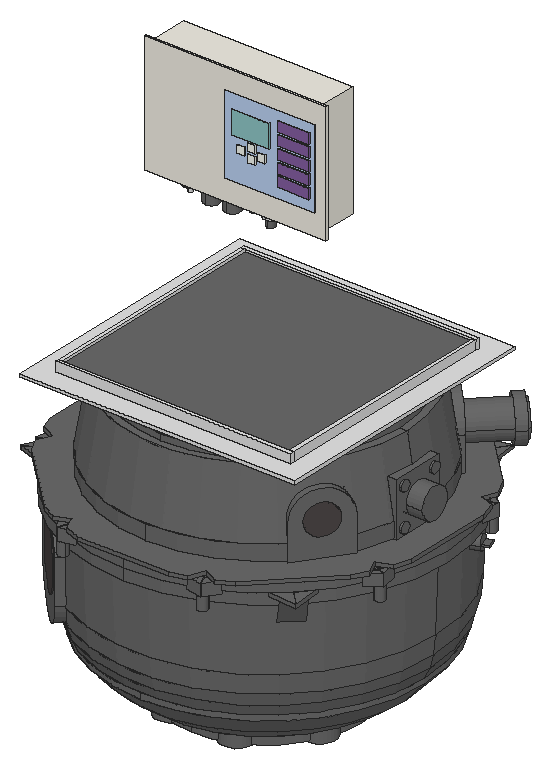
Revit family "280530sc (200)", category Generic Models, Revit 2021
Family settings
  Can host rebar = No
  Round Connector Dimension = Use Diameter
  Part Type = Normal
  Work Plane-Based = No
  Always vertical = Yes
  Cut with Voids When Loaded = No
  Shared = Yes
  Room Calculation Point = No
Parameters (values of type "280530SC")
  SUPPLIER = "KESSEL"
  SA700ID50 = "internal"
  SA700ID49 = "Protection Class I"
  SA700ID48 = "no"
  SA700ID47 = "no"
  SA700ID46 = "yes"
  SA700ID37 = 8000 mm
  SA700ID34 = 12
  SA700ID33 = 0.5 W
  SA700ID32 = 19.73 kg
  SA700ID31 = 1
  SA700ID30 = 2
  SA700ID29 = "RWDR"
  SA700ID21 = 800
  SA700ID10 = "No"
  SA700ID08 = 230 V
  PROCUREWEBLINK = "https://p.caden.as/kessel/280530SC"
  PROCURELINK = "p.caden.as/kessel/280530SC"
  PROCUREDATALASTUPDATE = "2024-05-22T12:17:25.742020933+01:00"
  PRC_SPECIFICATIONLINK = "https://ausschreiben.de/catalog/kessel/catalogItem/68b40d0a-d5ea-43db-a7a0-c3e40f4351ee"
  NN = "Lifting station Aqualift S compact"
  NBSYN = "$SA810ID03. ($LODLEVEL.)"
  NB = "280530SC (200)"
  Model = "280530SC"
  Manufacturer = "KESSEL"
  MIdent = "{$CADENAS_DATA/23d-libs/kessel/kessel_vdi_import/4/entwaesserung/hebeanlage20aqualift20s20compact.prj},217 {STYP=ASS},{VTYP=3D},{NB=280530SC (200)},{LINA=280530SC},{NN=Lifting station Aqualift S compact},{DATE=21.11.2022 10:40:35},{GEOMDATE=21.11.2022 10:40:35},{VERSION=},{LINEID=50},{WBVAR=LODLEVEL},{WBNUMERIC=LODLEVEL}  {NB=280530SC (200)},{LINA=280530SC},{KT=DUMMY},{PREVIEW=../../bilder/ksb_w_280530sc.png},{SA700ID04=Hebeanlage Aqualift S Compact, Duo, GTF 500, resistant, Bodenplatte},{SA810ID06=04026092082720},{SA700ID34=12.00},{SA010ID03=201805},{SA810ID03=280530SC},{SA810ID10=Die steckerfertige Hebeanlage für fäkalienfreies Abwasser ist mit einer überflutbaren Pumpe sowie einem Rückflussverhinderer ausgestattet. Der Sammelbehälter aus dauerhaft beständigem Kunststoff (PE) besitzt einen offenen Pumpenraum. Einhandverschlüsse ermöglichen die einfache Entnahme der integrierten Komponenten. Die Anlage zum Einbau in die Bodenplatte ist vormontiert zur bauseitigen Endmontage.Die Steuerung erfolgt durch ein anwenderfreundliches Schaltgerät, das optional über einen potentialfreien Kontakt in die Gebäudeleittechnik eingebunden werden oder Alarm- und Sammelstörmeldungen über eine GSM-Schnittstelle ausgeben kann.- mit teleskopischem Aufsatzstück für stufenlosen Höhen- und Niveauausgleich und integriertem Bodenablauf- Sammelbehälter aus PE, beständig gegen aggressive Abwässer und 3 m Grundwasser- inklusive Rückflussverhinderer für die Druckleitung- inklusive Stutzen für Zulauf und Kabelleerrohr- Pumpe mit Freistromrad für höchste BetriebssicherheitAusführung:Anlagenart: DoppelanlagePumpensteuerung: SchaltgerätRückflussverhinderer: integriertResistant: beständig gegen salzhaltige Medien, Abwasser aus Enthärtungsanlagen sowie kondensathaltiges Abwasser aus HeizungsanlagenAuslieferungszustand: installationsfertig (Verbindungsteile sind bauseits anzuschließen)Einbausituation: Einbau in die BodenplatteAbwasserart: fäkalienfreiAllgemeine Merkmale:Farbe: schwarzNorm: EN 12050-2Abmessungen:Länge: 617 mmBreite: 585 mmBehälter/Grundkörper:Zulauf Nennweite (DN): 100 mmDruckabgang (DN): 32 mmDruckabgang (DA): 40 mmEinbautiefe: 490 - 620 mmNutzvolumen: 20 lArt der Höhenverstellbarkeit: teleskopisches AufsatzstückAbdeckungsmerkmale:Abdeckungsart: Abdeckplatte mit SchlitzrostAbdeckung Material: KunststoffAbdeckung Farbe: schwarzBelastungsklasse: K 3 (EN 1253-1)Länge: 366 mmBreite: 366 mmVerriegelung: Lock & LiftFreier Kugeldurchgang: 10 mmFördereinrichtung:Pumpe: GTF 500Anzahl Pumpen: 2Förderleistung max.: 10 m3/hFörderhöhe max.: 8 mBetriebsspannung: 230 VNetzfrequenz: 50 HzBetriebsart: S1Leistung P1: 0,6 kWLeistung P2: 0,36 kWDrehzahl: 2.800 U/minErforderliche Absicherung (Leitungsschutz): C 16 AFörderguttemperatur (dauerhaft) max.: 40 °CAnschlusstyp: codierter SteckerLaufrad Typ: FreistromradLänge Netzanschlussleitung Pumpe: 5 mNennstrom: 2,7 ASchutzart Pumpe: IP 68 (3m)Typ Anschlussleitung Pumpe: H07RN-F 3G 1,0 mm2Temperaturüberwachung: integriertSteuerung:Schaltgerät: ComfortBetriebsspannung: 230 VNetzfrequenz: 50 HzSelbstdiagnosesystem (SDS): jaBatteriepufferung: jaMehrzeilige Displayanzeige: jaLogbuchfunktion: jaUSB-Schnittstelle: jaGSM-Schnittstelle: jaPotentialfreier Kontakt: optionalSchutzart Schaltgerät: IP 54Anschlusstyp: codierter SteckerLänge Netzanschlussleitung Schaltgerät: 1,4 mArt Niveauerfassung: pneumatischInstrument Niveauerfassung: TauchrohrAlarmgeber: optische Sonde},{SA700ID37=8.00},{SA700ID33=0.50},{SA700ID08=230},{SA700ID30=2},{SA700ID32=19.73},{SA700ID49=Schutzklasse I},{SA700ID50=intern},{SA200ID03=6},{SA250ID03=vertikal},{SA260ID03=Trockenläuferpumpe},{SA350ID03=normalansaugend},{SA400ID03=E-Motor für Wechselstrom},{SA460ID03=direkt},{SA500ID03=Kunststoff, Edelstahl},{SA700ID06=32},{SA700ID07=100},{SA700ID09=1/N/PE 230V },{SA700ID10=Nein},{SA700ID11=50},{SA700ID12=IP 68},{SA700ID13=F},{SA700ID15=35},{SA700ID21=800.00},{SA700ID22=0.36},{SA700ID23=2800},{SA700ID24=2800},{SA700ID26=2.50},{SA700ID27=6.90},{SA700ID28=durchgehend},{SA700ID29=RWDR},{SA700ID31=1},{SA700ID46=ja},{SA700ID47=nein},{SA700ID48=nein},{SA110ID04=Hebeanlage Aqualift S Compact},{SA300ID03=einstufig},{SA700ID44=10.00},{SA700ID45=10.00},{SA010ID04=KESSEL AG},{LODLEVEL=200},{LINK=https://www.kessel.de/info?han=280530SC},{SA970ID01=970},{SA970ID02=14032},{SA970ID03=280530SC},{SA970ID04=11002617},{SA970ID05=QUAD},{SA970ID06=-326},{SA970ID07=-291.04},{SA970ID08=0},{SA970ID09=1},{SA970ID10=0},{SA970ID11=0},{SA970ID12=0},{SA970ID13=1},{SA970ID14=0},{SA970ID15=617.04},{SA970ID16=582.09},{SA970ID17=506.5},{LODLEVEL_=200,'Low'},{LODLEVEL_DEU=200,'Low'},{LINK_=https://www.kessel.de/info?han=280530SC},{LINK_DEU=https://www.kessel.de/info?han=280530SC},{LODLEVEL_3DB=280530SC_200},{DNIN1=100},{DNIN2=125},{DNIN3=100},{DNIN4=100},{DNOUT1=70},{DNOUT2=32},{ISD1=60},{ISD2=10},{ISD3=10},{SA010ID01=010},{SA010ID02=4},{SA010ID06=www.kessel.de},{SA010ID07=www.kessel.de},{SA010ID12=20180713},{SA010ID13=DEU},{SA010ID14=DE},{SA100ID01=100},{SA100ID02=4},{SA100ID04=Entwässerung},{SA110ID01=110},{SA110ID02=30},{SA200ID01=200},{SA200ID02=6},{SA250ID01=250},{SA250ID02=2},{SA260ID01=260},{SA260ID02=2},{SA300ID01=300},{SA300ID02=1},{SA350ID01=350},{SA350ID02=1},{SA400ID01=400},{SA400ID02=1},{SA460ID01=460},{SA460ID02=1},{SA500ID01=500},{SA500ID02=1},{SA700ID01=700},{SA700ID02=191},{SA700ID10_=0},{SA700ID16=0},{SA700ID25=0},{SA700ID46_=1},{SA700ID47_=0},{SA700ID48_=0},{SA700ID49_=1},{SA700ID50_=2},{SA800ID01=800},{SA800ID02=6},{SA810ID01=810},{SA810ID02=191},{SA810ID04=280530SC},{SA810ID07=191},{SA810ID09=1},{SA810ID14=PCE},{SA810ID15=1},{SA810ID16=NMP},{SA960ID03=191},{SA960ID04=3L},{SA960ID08=https://www.kessel.de/info?han=280530SC},{SA010ID08=4026092000007},{SA100ID05=Hebeanlage},{SA110ID06=Hebeanlage}"
  LINK = "https://www.kessel.de/info?han=280530SC"
  LINA = "280530SC"
  Default Elevation = 0 mm
  CREATOR = "CADENAS GmbH"
  CATALOG = "KESSEL"
  BOMINFO = "LINA"
  ARTICLENO = "NB"
  4.810.00.9 Order quantity (multiplicator) = "1"
  4.810.00.7 Media- connection number = "191"
  4.810.00.6 GTIN number = "04026092082720"
  4.810.00.4 DATANORM number = "280530SC"
  4.810.00.3 Producer order number = "280530SC"
  4.710.03.7 Mass (net) = 19.73 kg
  4.710.03.6 Height = 490 mm
  4.710.03.5 Width = 580 mm
  4.710.03.4 Length = 620 mm
  4.710.03.3 Type of dimensions = "2"
  4.710.02.8 Area of application of wastewater pump = "2"
  4.710.02.6 Duty type = "S1"
  4.710.02.5 Cutting device = "0"
  4.710.02.4 Attached pump control = "1"
  4.710.02.3 Free passage = 10 mm
  4.710.01.6 Option to connect to building automation = "10"
  4.710.01.5 Load regulation = "0"
  4.710.01.4 Designation of closed-loop control = "20"
  4.700.00.9 Voltage = 0
  4.700.00.8 Nominal connection size on suction side = "100"
  4.700.00.7 Nominal connection size on pressure side = "100"
  4.700.00.6 Type of connection = "32"
  4.700.00.4 Product indentification = "Hebeanlage Aqualift S Compact, Duo, GTF 500, resistant, Bodenplatte"
  4.700.00.28 Motor pump shaft = "durchgehend"
  4.700.00.27 Starting current = 6.9
  4.700.00.26 Maximum power consumption per pump / drive = 2.5
  4.700.00.25 Minimum speed at internal speed adjustment = 0
  4.700.00.24 Nominal speed / maximum speed n = 46.6667
  4.700.00.23 Nominal speed of motor = 46.6667
  4.700.00.22 Maximum shaft output (P2) per pump/drive = 0.36 W
  4.700.00.16 Maximum temperature of pumped medium = 0 °C
  4.700.00.15 Increased safety class = "35 °C"
  4.700.00.13 Type of protection = "F"
  4.700.00.12 Frequency = 0
  4.700.00.11 Stern-/Dreieck-Anlaufschaltung bei Dreiphasenanschluss oder Drehstrom = "50 Hz"
  4.700.00.10 Phase = "0"
  4.500.00.3 Variant / Variant type / Accessories-name = "Kunststoff, Edelstahl"
  4.460.00.3 Variant / Variant type / Accessories-name = "direkt"
  4.400.00.3 Variant / Variant type / Accessories-name = "E-Motor für Wechselstrom"
  4.350.00.3 Variant / Variant type / Accessories-name = "normalansaugend"
  4.300.00.3 Variant / Variant type / Accessories-name = "einstufig"
  4.260.00.3 Variant / Variant type / Accessories-name = "Trockenläuferpumpe"
  4.250.00.3 Variant / Variant type / Accessories-name = "vertikal"
  4.200.00.3 Variant / Variant type / Accessories-name = "6"
  4.110.00.6 Product classification = "Hebeanlage"
  4.110.00.4 Product indentification = "Hebeanlage Aqualift S Compact"
  4.100.00.5 Main groups of wares = "Hebeanlage"
  4.100.00.4 Product indentification = "Entwässerung"
  4.010.00.8 Producer ID number = "4026092000007"
  4.010.00.7 Comment = "www.kessel.de"
  4.010.00.6 Web address of the manufacturer = "www.kessel.de"
  4.010.00.4 Manufacturer name = "KESSEL AG"
  4.010.00.3 Date of issuance (month) of guideline = "201805"
  4.010.00.2 Sheet number of the guideline = "4"
  4.010.00.14 Kennungen der Projektländer, für die die Datei gültig ist = "DE"
  4.010.00.13 Sprache der Datei = "DEU"
  4.010.00.12 Stand des Herstellerkatalogs = "20180713"
Reference planes
  plane 1 "Center (Front/Back)": y = 0
  plane 2: z = 0
  plane 3 "Center (Left/Right)": x = 0
Forms (mm)
  Extrusion 1, void
    sketch origin (-197.283, 197.283, 209) x (-0.707107, -0.707107, 0) y (0, 0, -1)
      loop
        line (-0.5, -0.5) -> (0.5, -0.5) -> (0.5, 0.5) -> (-0.5, 0.5) -> (-0.5, -0.5)
    from 0 to 1
  Extrusion 2, void
    sketch origin (-197.283, -197.283, 209) x (0.707107, -0.707107, 0) y (0, 0, -1)
      loop
        line (-0.5, -0.5) -> (0.5, -0.5) -> (0.5, 0.5) -> (-0.5, 0.5) -> (-0.5, -0.5)
    from 0 to 1
  Extrusion 3, void
    sketch origin (-247, 0, 370) x (0, -1, 0) y (0, 0, -1)
      loop
        line (-0.5, -0.5) -> (0.5, -0.5) -> (0.5, 0.5) -> (-0.5, 0.5) -> (-0.5, -0.5)
    from 0 to 1
  Extrusion 4, void
    sketch origin (242.226, 228.084, 376) x (-0.707107, 0.707107, 0) y (0, 0, -1)
      loop
        line (-0.5, -0.5) -> (0.5, -0.5) -> (0.5, 0.5) -> (-0.5, 0.5) -> (-0.5, -0.5)
    from 0 to 1
  Extrusion 5, void
    sketch origin (242.226, 228.084, 364) x (-0.707107, 0.707107, 0) y (0, 0, -1)
      loop
        line (-0.5, -0.5) -> (0.5, -0.5) -> (0.5, 0.5) -> (-0.5, 0.5) -> (-0.5, -0.5)
    from 0 to 1
  Extrusion 6, void
    sketch origin (228.084, 242.226, 376) x (-0.707107, 0.707107, 0) y (0, 0, -1)
      loop
        line (-0.5, -0.5) -> (0.5, -0.5) -> (0.5, 0.5) -> (-0.5, 0.5) -> (-0.5, -0.5)
    from 0 to 1
  Extrusion 7, void
    sketch origin (228.084, 242.226, 364) x (-0.707107, 0.707107, 0) y (0, 0, -1)
      loop
        line (-0.5, -0.5) -> (0.5, -0.5) -> (0.5, 0.5) -> (-0.5, 0.5) -> (-0.5, -0.5)
    from 0 to 1
Dimensions and locks
  locked: plane 2 to Extrusion 1 at 208.5
  locked: plane 2 to Extrusion 1 at 209.5
  locked: plane 2 to Extrusion 2 at 208.5
  locked: plane 2 to Extrusion 2 at 209.5
  locked: plane 2 to Extrusion 3 at 369.5
  locked: plane 2 to Extrusion 3 at 370.5
  locked: plane 2 to Extrusion 4 at 375.5
  locked: plane 2 to Extrusion 4 at 376.5
  locked: plane 2 to Extrusion 5 at 363.5
  locked: plane 2 to Extrusion 5 at 364.5
  locked: plane 2 to Extrusion 6 at 375.5
  locked: plane 2 to Extrusion 6 at 376.5
  locked: plane 2 to Extrusion 7 at 363.5
  locked: plane 2 to Extrusion 7 at 364.5
  aligned and locked: level to plane 2
Nested families
  nested 1: "280530sc (200)_content" at (0, 0, 0), type "280530SC (200)_Content"
  nested 2: "280530sc (200)_part1_X0Y0" at (-194, 244.5, 558), type "280530SC_PART1_X0Y0"
  nested 3: "280530sc (200)_part2_X0Y0" at (0, 0, 0), type "280530SC_PART2_X0Y0"
Connectors
  piping at (-112, 217, 557.2), diameter 10
    settings: on nested 2, index 1, connector inside diameter 609.6 mm, connector length 0 mm, flow factor 0, pipe flow 0.0 L/s, pressure drop 0.0 Pa, fitting loss kfactor 0, connector angle 0.00°, fixture units 0, engagement length 0 mm, angle of deflection 0.00°, flow configuration 0, flow direction 2, fitting loss method 2, system type 29, joint type 0, gender type 0, connector reference index -1, connector utility 0, adjustable connector no, is connector primary yes, connector description ""
  electrical at (-298, 217, 518.5)
    settings: on nested 2, index 2, voltage 0 V, apparent load 0 VA, apparent load phase1 0 VA, apparent load phase2 0 VA, apparent load phase3 0 VA, power factor 1, load classification "Other", number of poles 1, system type 31, power factor state 1, is connector primary yes, connector utility no, sub classification motor no, connector description ""
  electrical at (-264, 217, 515.9)
    settings: on nested 2, index 3, voltage 0 V, apparent load 0 VA, apparent load phase1 0 VA, apparent load phase2 0 VA, apparent load phase3 0 VA, power factor 1, load classification "Other", number of poles 1, system type 31, power factor state 1, is connector primary no, connector utility no, sub classification motor no, connector description ""
  electrical at (-230, 217, 515.9)
    settings: on nested 2, index 4, voltage 0 V, apparent load 0 VA, apparent load phase1 0 VA, apparent load phase2 0 VA, apparent load phase3 0 VA, power factor 1, load classification "Other", number of poles 1, system type 31, power factor state 1, is connector primary no, connector utility no, sub classification motor no, connector description ""
  electrical at (-192, 217, 528.2)
    settings: on nested 2, index 5, voltage 0 V, apparent load 0 VA, apparent load phase1 0 VA, apparent load phase2 0 VA, apparent load phase3 0 VA, power factor 1, load classification "Other", number of poles 1, system type 31, power factor state 1, is connector primary no, connector utility no, sub classification motor no, connector description ""
  electrical at (-168, 217, 513.45)
    settings: on nested 2, index 6, voltage 0 V, apparent load 0 VA, apparent load phase1 0 VA, apparent load phase2 0 VA, apparent load phase3 0 VA, power factor 1, load classification "Other", number of poles 1, system type 31, power factor state 1, is connector primary no, connector utility no, sub classification motor no, connector description ""
  electrical at (-140, 217, 557.2)
    settings: on nested 2, index 7, voltage 0 V, apparent load 0 VA, apparent load phase1 0 VA, apparent load phase2 0 VA, apparent load phase3 0 VA, power factor 1, load classification "Other", number of poles 1, system type 31, power factor state 1, is connector primary no, connector utility no, sub classification motor no, connector description ""
  piping at (-326, 0, 209), diameter 125
    settings: on nested 3, index 8, connector inside diameter 609.6 mm, connector length 0 mm, flow factor 0, pipe flow 0.0 L/s, pressure drop 0.0 Pa, fitting loss kfactor 0, connector angle 0.00°, fixture units 0, engagement length 0 mm, angle of deflection 0.00°, flow configuration 0, flow direction 1, fitting loss method 2, system type 29, joint type 0, gender type 0, connector reference index -1, connector utility 0, adjustable connector no, is connector primary no, connector description ""
  piping at (-197.283, 197.283, 209), diameter 100
    settings: on Extrusion 1, index 9, connector inside diameter 609.6 mm, connector length 0 mm, flow factor 0, pipe flow 0.0 L/s, pressure drop 0.0 Pa, fitting loss kfactor 0, connector angle 0.00°, fixture units 0, engagement length 0 mm, angle of deflection 0.00°, flow configuration 0, flow direction 0, fitting loss method 2, system type 29, joint type 0, gender type 0, connector reference index -1, connector utility 0, adjustable connector no, is connector primary no, connector description ""
  piping at (-197.283, -197.283, 209), diameter 100
    settings: on Extrusion 2, index 10, connector inside diameter 609.6 mm, connector length 0 mm, flow factor 0, pipe flow 0.0 L/s, pressure drop 0.0 Pa, fitting loss kfactor 0, connector angle 0.00°, fixture units 0, engagement length 0 mm, angle of deflection 0.00°, flow configuration 0, flow direction 0, fitting loss method 2, system type 29, joint type 0, gender type 0, connector reference index -1, connector utility 0, adjustable connector no, is connector primary no, connector description ""
  piping at (-247, 0, 370), diameter 70
    settings: on Extrusion 3, index 11, connector inside diameter 609.6 mm, connector length 0 mm, flow factor 0, pipe flow 0.0 L/s, pressure drop 0.0 Pa, fitting loss kfactor 0, connector angle 0.00°, fixture units 0, engagement length 0 mm, angle of deflection 0.00°, flow configuration 0, flow direction 0, fitting loss method 2, system type 29, joint type 0, gender type 0, connector reference index -1, connector utility 0, adjustable connector no, is connector primary no, connector description ""
  piping at (272.5, -3, 363.25), diameter 32
    settings: on nested 3, index 12, connector inside diameter 609.6 mm, connector length 0 mm, flow factor 0, pipe flow 0.0 L/s, pressure drop 0.0 Pa, fitting loss kfactor 0, connector angle 0.00°, fixture units 0, engagement length 0 mm, angle of deflection 0.00°, flow configuration 0, flow direction 2, fitting loss method 2, system type 29, joint type 0, gender type 0, connector reference index -1, connector utility 0, adjustable connector no, is connector primary no, connector description ""
  electrical at (242.226, 228.084, 376)
    settings: on Extrusion 4, index 13, voltage 0 V, apparent load 0 VA, apparent load phase1 0 VA, apparent load phase2 0 VA, apparent load phase3 0 VA, power factor 1, load classification "Other", number of poles 1, system type 31, power factor state 1, is connector primary no, connector utility no, sub classification motor no, connector description ""
  electrical at (242.226, 228.084, 364)
    settings: on Extrusion 5, index 14, voltage 0 V, apparent load 0 VA, apparent load phase1 0 VA, apparent load phase2 0 VA, apparent load phase3 0 VA, power factor 1, load classification "Other", number of poles 1, system type 31, power factor state 1, is connector primary no, connector utility no, sub classification motor no, connector description ""
  electrical at (228.084, 242.226, 376)
    settings: on Extrusion 6, index 15, voltage 0 V, apparent load 0 VA, apparent load phase1 0 VA, apparent load phase2 0 VA, apparent load phase3 0 VA, power factor 1, load classification "Other", number of poles 1, system type 31, power factor state 1, is connector primary no, connector utility no, sub classification motor no, connector description ""
  electrical at (228.084, 242.226, 364)
    settings: on Extrusion 7, index 16, voltage 0 V, apparent load 0 VA, apparent load phase1 0 VA, apparent load phase2 0 VA, apparent load phase3 0 VA, power factor 1, load classification "Other", number of poles 1, system type 31, power factor state 1, is connector primary no, connector utility no, sub classification motor no, connector description ""
Definition of nested family "280530sc (200)_part1_X0Y0"
  Parameters (values of type "280530SC_PART1_X0Y0")
    SUPPLIER = "KESSEL"
    SA700ID50 = "internal"
    SA700ID49 = "Protection Class I"
    SA700ID48 = "no"
    SA700ID47 = "no"
    SA700ID46 = "yes"
    SA700ID37 = 8000 mm
    SA700ID34 = 12
    SA700ID33 = 0.5 W
    SA700ID32 = 19.73 kg
    SA700ID31 = 1
    SA700ID30 = 2
    SA700ID29 = "RWDR"
    SA700ID21 = 800
    SA700ID10 = "No"
    SA700ID08 = 230 V
    NBSYN = "$SA810ID03. ($LODLEVEL.)_PART1"
    NB = "280530SC (200)_PART1"
    Model = "280530SC_PART1"
    Manufacturer = "KESSEL"
    MIdent = "{$CADENAS_DATA/23d-libs/kessel/kessel_vdi_import/4/entwaesserung/hebeanlage20aqualift20s20compact.prj},237 {VTYP=3D},{NB=280530SC (200)_PART1},{LINA=280530SC_PART1},{NN=Lifting station Aqualift S compact_PART1},{NOPRJ=TRUE},{DATE=21.11.2022 10:40:35},{GEOMDATE=21.11.2022 10:40:35},{VERSION=},{LINEID=50},{WBVAR=LODLEVEL},{WBNUMERIC=LODLEVEL}  {NB=280530SC (200)_PART1},{LINA=280530SC_PART1},{KT=DUMMY},{PREVIEW=../../bilder/ksb_w_280530sc.png},{SA700ID04=Hebeanlage Aqualift S Compact, Duo, GTF 500, resistant, Bodenplatte},{SA810ID06=04026092082720},{SA700ID34=12.00},{SA010ID03=201805},{SA810ID03=280530SC},{SA810ID10=Die steckerfertige Hebeanlage für fäkalienfreies Abwasser ist mit einer überflutbaren Pumpe sowie einem Rückflussverhinderer ausgestattet. Der Sammelbehälter aus dauerhaft beständigem Kunststoff (PE) besitzt einen offenen Pumpenraum. Einhandverschlüsse ermöglichen die einfache Entnahme der integrierten Komponenten. Die Anlage zum Einbau in die Bodenplatte ist vormontiert zur bauseitigen Endmontage.Die Steuerung erfolgt durch ein anwenderfreundliches Schaltgerät, das optional über einen potentialfreien Kontakt in die Gebäudeleittechnik eingebunden werden oder Alarm- und Sammelstörmeldungen über eine GSM-Schnittstelle ausgeben kann.- mit teleskopischem Aufsatzstück für stufenlosen Höhen- und Niveauausgleich und integriertem Bodenablauf- Sammelbehälter aus PE, beständig gegen aggressive Abwässer und 3 m Grundwasser- inklusive Rückflussverhinderer für die Druckleitung- inklusive Stutzen für Zulauf und Kabelleerrohr- Pumpe mit Freistromrad für höchste BetriebssicherheitAusführung:Anlagenart: DoppelanlagePumpensteuerung: SchaltgerätRückflussverhinderer: integriertResistant: beständig gegen salzhaltige Medien, Abwasser aus Enthärtungsanlagen sowie kondensathaltiges Abwasser aus HeizungsanlagenAuslieferungszustand: installationsfertig (Verbindungsteile sind bauseits anzuschließen)Einbausituation: Einbau in die BodenplatteAbwasserart: fäkalienfreiAllgemeine Merkmale:Farbe: schwarzNorm: EN 12050-2Abmessungen:Länge: 617 mmBreite: 585 mmBehälter/Grundkörper:Zulauf Nennweite (DN): 100 mmDruckabgang (DN): 32 mmDruckabgang (DA): 40 mmEinbautiefe: 490 - 620 mmNutzvolumen: 20 lArt der Höhenverstellbarkeit: teleskopisches AufsatzstückAbdeckungsmerkmale:Abdeckungsart: Abdeckplatte mit SchlitzrostAbdeckung Material: KunststoffAbdeckung Farbe: schwarzBelastungsklasse: K 3 (EN 1253-1)Länge: 366 mmBreite: 366 mmVerriegelung: Lock & LiftFreier Kugeldurchgang: 10 mmFördereinrichtung:Pumpe: GTF 500Anzahl Pumpen: 2Förderleistung max.: 10 m3/hFörderhöhe max.: 8 mBetriebsspannung: 230 VNetzfrequenz: 50 HzBetriebsart: S1Leistung P1: 0,6 kWLeistung P2: 0,36 kWDrehzahl: 2.800 U/minErforderliche Absicherung (Leitungsschutz): C 16 AFörderguttemperatur (dauerhaft) max.: 40 °CAnschlusstyp: codierter SteckerLaufrad Typ: FreistromradLänge Netzanschlussleitung Pumpe: 5 mNennstrom: 2,7 ASchutzart Pumpe: IP 68 (3m)Typ Anschlussleitung Pumpe: H07RN-F 3G 1,0 mm2Temperaturüberwachung: integriertSteuerung:Schaltgerät: ComfortBetriebsspannung: 230 VNetzfrequenz: 50 HzSelbstdiagnosesystem (SDS): jaBatteriepufferung: jaMehrzeilige Displayanzeige: jaLogbuchfunktion: jaUSB-Schnittstelle: jaGSM-Schnittstelle: jaPotentialfreier Kontakt: optionalSchutzart Schaltgerät: IP 54Anschlusstyp: codierter SteckerLänge Netzanschlussleitung Schaltgerät: 1,4 mArt Niveauerfassung: pneumatischInstrument Niveauerfassung: TauchrohrAlarmgeber: optische Sonde},{SA700ID37=8.00},{SA700ID33=0.50},{SA700ID08=230},{SA700ID30=2},{SA700ID32=19.73},{SA700ID49=Schutzklasse I},{SA700ID50=intern},{SA200ID03=6},{SA250ID03=vertikal},{SA260ID03=Trockenläuferpumpe},{SA350ID03=normalansaugend},{SA400ID03=E-Motor für Wechselstrom},{SA460ID03=direkt},{SA500ID03=Kunststoff, Edelstahl},{SA700ID06=32},{SA700ID07=100},{SA700ID09=1/N/PE 230V },{SA700ID10=Nein},{SA700ID11=50},{SA700ID12=IP 68},{SA700ID13=F},{SA700ID15=35},{SA700ID21=800.00},{SA700ID22=0.36},{SA700ID23=2800},{SA700ID24=2800},{SA700ID26=2.50},{SA700ID27=6.90},{SA700ID28=durchgehend},{SA700ID29=RWDR},{SA700ID31=1},{SA700ID46=ja},{SA700ID47=nein},{SA700ID48=nein},{SA110ID04=Hebeanlage Aqualift S Compact},{SA300ID03=einstufig},{SA700ID44=10.00},{SA700ID45=10.00},{SA010ID04=KESSEL AG},{LODLEVEL=200},{LINK=https://www.kessel.de/info?han=280530SC},{SA970ID01=970},{SA970ID02=14032},{SA970ID03=280530SC},{SA970ID04=11002617},{SA970ID05=QUAD},{SA970ID06=-326},{SA970ID07=-291.04},{SA970ID08=0},{SA970ID09=1},{SA970ID10=0},{SA970ID11=0},{SA970ID12=0},{SA970ID13=1},{SA970ID14=0},{SA970ID15=617.04},{SA970ID16=582.09},{SA970ID17=506.5},{LODLEVEL_=200,'Low'},{LODLEVEL_DEU=200,'Low'},{LINK_=https://www.kessel.de/info?han=280530SC},{LINK_DEU=https://www.kessel.de/info?han=280530SC},{LODLEVEL_3DB=280530SC_200},{DNIN1=100},{DNIN2=125},{DNIN3=100},{DNIN4=100},{DNOUT1=70},{DNOUT2=32},{ISD1=60},{ISD2=10},{ISD3=10},{SA010ID01=010},{SA010ID02=4},{SA010ID06=www.kessel.de},{SA010ID07=www.kessel.de},{SA010ID12=20180713},{SA010ID13=DEU},{SA010ID14=DE},{SA100ID01=100},{SA100ID02=4},{SA100ID04=Entwässerung},{SA110ID01=110},{SA110ID02=30},{SA200ID01=200},{SA200ID02=6},{SA250ID01=250},{SA250ID02=2},{SA260ID01=260},{SA260ID02=2},{SA300ID01=300},{SA300ID02=1},{SA350ID01=350},{SA350ID02=1},{SA400ID01=400},{SA400ID02=1},{SA460ID01=460},{SA460ID02=1},{SA500ID01=500},{SA500ID02=1},{SA700ID01=700},{SA700ID02=191},{SA700ID10_=0},{SA700ID16=0},{SA700ID25=0},{SA700ID46_=1},{SA700ID47_=0},{SA700ID48_=0},{SA700ID49_=1},{SA700ID50_=2},{SA800ID01=800},{SA800ID02=6},{SA810ID01=810},{SA810ID02=191},{SA810ID04=280530SC},{SA810ID07=191},{SA810ID09=1},{SA810ID14=PCE},{SA810ID15=1},{SA810ID16=NMP},{SA960ID03=191},{SA960ID04=3L},{SA960ID08=https://www.kessel.de/info?han=280530SC},{SA010ID08=4026092000007},{SA100ID05=Hebeanlage},{SA110ID06=Hebeanlage}"
    LINK = "https://www.kessel.de/info?han=280530SC"
    LINA = "280530SC_PART1"
    Default Elevation = 1219.2 mm
    CREATOR = "CADENAS GmbH"
    CATALOG = "KESSEL"
    BOMINFO = "LINA"
    ARTICLENO = "NB"
    4.810.00.9 Order quantity (multiplicator) = "1"
    4.810.00.7 Media- connection number = "191"
    4.810.00.6 GTIN number = "04026092082720"
    4.810.00.4 DATANORM number = "280530SC"
    4.810.00.3 Producer order number = "280530SC"
    4.710.03.7 Mass (net) = 19.73 kg
    4.710.03.6 Height = 490 mm
    4.710.03.5 Width = 580 mm
    4.710.03.4 Length = 620 mm
    4.710.03.3 Type of dimensions = "2"
    4.710.02.8 Area of application of wastewater pump = "2"
    4.710.02.6 Duty type = "S1"
    4.710.02.5 Cutting device = "0"
    4.710.02.4 Attached pump control = "1"
    4.710.02.3 Free passage = 10 mm
    4.710.01.6 Option to connect to building automation = "10"
    4.710.01.5 Load regulation = "0"
    4.710.01.4 Designation of closed-loop control = "20"
    4.700.00.9 Voltage = 0
    4.700.00.8 Nominal connection size on suction side = "100"
    4.700.00.7 Nominal connection size on pressure side = "100"
    4.700.00.6 Type of connection = "32"
    4.700.00.4 Product indentification = "Hebeanlage Aqualift S Compact, Duo, GTF 500, resistant, Bodenplatte"
    4.700.00.28 Motor pump shaft = "durchgehend"
    4.700.00.27 Starting current = 6.9
    4.700.00.26 Maximum power consumption per pump / drive = 2.5
    4.700.00.25 Minimum speed at internal speed adjustment = 0
    4.700.00.24 Nominal speed / maximum speed n = 46.6667
    4.700.00.23 Nominal speed of motor = 46.6667
    4.700.00.22 Maximum shaft output (P2) per pump/drive = 0.36 W
    4.700.00.16 Maximum temperature of pumped medium = 0 °C
    4.700.00.15 Increased safety class = "35 °C"
    4.700.00.13 Type of protection = "F"
    4.700.00.12 Frequency = 0
    4.700.00.11 Stern-/Dreieck-Anlaufschaltung bei Dreiphasenanschluss oder Drehstrom = "50 Hz"
    4.700.00.10 Phase = "0"
    4.500.00.3 Variant / Variant type / Accessories-name = "Kunststoff, Edelstahl"
    4.460.00.3 Variant / Variant type / Accessories-name = "direkt"
    4.400.00.3 Variant / Variant type / Accessories-name = "E-Motor für Wechselstrom"
    4.350.00.3 Variant / Variant type / Accessories-name = "normalansaugend"
    4.300.00.3 Variant / Variant type / Accessories-name = "einstufig"
    4.260.00.3 Variant / Variant type / Accessories-name = "Trockenläuferpumpe"
    4.250.00.3 Variant / Variant type / Accessories-name = "vertikal"
    4.200.00.3 Variant / Variant type / Accessories-name = "6"
    4.110.00.6 Product classification = "Hebeanlage"
    4.110.00.4 Product indentification = "Hebeanlage Aqualift S Compact"
    4.100.00.5 Main groups of wares = "Hebeanlage"
    4.100.00.4 Product indentification = "Entwässerung"
    4.010.00.8 Producer ID number = "4026092000007"
    4.010.00.7 Comment = "www.kessel.de"
    4.010.00.6 Web address of the manufacturer = "www.kessel.de"
    4.010.00.4 Manufacturer name = "KESSEL AG"
    4.010.00.3 Date of issuance (month) of guideline = "201805"
    4.010.00.2 Sheet number of the guideline = "4"
    4.010.00.14 Kennungen der Projektländer, für die die Datei gültig ist = "DE"
    4.010.00.13 Sprache der Datei = "DEU"
    4.010.00.12 Stand des Herstellerkatalogs = "20180713"
  Reference planes
    plane 1 "Center (Front/Back)": y = 0
    plane 2: z = 0
    plane 3 "Center (Left/Right)": x = 0
  Dimensions and locks
    aligned and locked: level to plane 2
  Nested families
    nested 1: "280530sc (200)_part1_content" at (0, 0, 0), type "280530SC (200)_PART1_Content"
  Definition of nested family "280530sc (200)_part1_content"
    Parameters (values of type "280530SC (200)_PART1_Content")
      SUPPLIER = "KESSEL"
      SA700ID50 = "internal"
      SA700ID49 = "Protection Class I"
      SA700ID48 = "no"
      SA700ID47 = "no"
      SA700ID46 = "yes"
      SA700ID37 = 8000 mm
      SA700ID34 = 12
      SA700ID33 = 0.5 W
      SA700ID32 = 19.73 kg
      SA700ID31 = 1
      SA700ID30 = 2
      SA700ID29 = "RWDR"
      SA700ID21 = 800
      SA700ID10 = "No"
      SA700ID08 = 230 V
      NBSYN = "$SA810ID03. ($LODLEVEL.)_PART1"
      NB = "280530SC (200)_PART1"
      Model = "280530SC_PART1"
      Manufacturer = "KESSEL"
      LINK = "https://www.kessel.de/info?han=280530SC"
      LINA = "280530SC_PART1"
      Default Elevation = 1219.2 mm
      CREATOR = "CADENAS GmbH"
      CATALOG = "KESSEL"
      BOMINFO = "LINA"
      ARTICLENO = "NB"
      4.810.00.9 Order quantity (multiplicator) = "1"
      4.810.00.7 Media- connection number = "191"
      4.810.00.6 GTIN number = "04026092082720"
      4.810.00.4 DATANORM number = "280530SC"
      4.810.00.3 Producer order number = "280530SC"
      4.710.03.7 Mass (net) = 19.73 kg
      4.710.03.6 Height = 490 mm
      4.710.03.5 Width = 580 mm
      4.710.03.4 Length = 620 mm
      4.710.03.3 Type of dimensions = "2"
      4.710.02.8 Area of application of wastewater pump = "2"
      4.710.02.6 Duty type = "S1"
      4.710.02.5 Cutting device = "0"
      4.710.02.4 Attached pump control = "1"
      4.710.02.3 Free passage = 10 mm
      4.710.01.6 Option to connect to building automation = "10"
      4.710.01.5 Load regulation = "0"
      4.710.01.4 Designation of closed-loop control = "20"
      4.700.00.9 Voltage = 0
      4.700.00.8 Nominal connection size on suction side = "100"
      4.700.00.7 Nominal connection size on pressure side = "100"
      4.700.00.6 Type of connection = "32"
      4.700.00.4 Product indentification = "Hebeanlage Aqualift S Compact, Duo, GTF 500, resistant, Bodenplatte"
      4.700.00.28 Motor pump shaft = "durchgehend"
      4.700.00.27 Starting current = 6.9
      4.700.00.26 Maximum power consumption per pump / drive = 2.5
      4.700.00.25 Minimum speed at internal speed adjustment = 0
      4.700.00.24 Nominal speed / maximum speed n = 46.6667
      4.700.00.23 Nominal speed of motor = 46.6667
      4.700.00.22 Maximum shaft output (P2) per pump/drive = 0.36 W
      4.700.00.16 Maximum temperature of pumped medium = 0 °C
      4.700.00.15 Increased safety class = "35 °C"
      4.700.00.13 Type of protection = "F"
      4.700.00.12 Frequency = 0
      4.700.00.11 Stern-/Dreieck-Anlaufschaltung bei Dreiphasenanschluss oder Drehstrom = "50 Hz"
      4.700.00.10 Phase = "0"
      4.500.00.3 Variant / Variant type / Accessories-name = "Kunststoff, Edelstahl"
      4.460.00.3 Variant / Variant type / Accessories-name = "direkt"
      4.400.00.3 Variant / Variant type / Accessories-name = "E-Motor für Wechselstrom"
      4.350.00.3 Variant / Variant type / Accessories-name = "normalansaugend"
      4.300.00.3 Variant / Variant type / Accessories-name = "einstufig"
      4.260.00.3 Variant / Variant type / Accessories-name = "Trockenläuferpumpe"
      4.250.00.3 Variant / Variant type / Accessories-name = "vertikal"
      4.200.00.3 Variant / Variant type / Accessories-name = "6"
      4.110.00.6 Product classification = "Hebeanlage"
      4.110.00.4 Product indentification = "Hebeanlage Aqualift S Compact"
      4.100.00.5 Main groups of wares = "Hebeanlage"
      4.100.00.4 Product indentification = "Entwässerung"
      4.010.00.8 Producer ID number = "4026092000007"
      4.010.00.7 Comment = "www.kessel.de"
      4.010.00.6 Web address of the manufacturer = "www.kessel.de"
      4.010.00.4 Manufacturer name = "KESSEL AG"
      4.010.00.3 Date of issuance (month) of guideline = "201805"
      4.010.00.2 Sheet number of the guideline = "4"
      4.010.00.14 Kennungen der Projektländer, für die die Datei gültig ist = "DE"
      4.010.00.13 Sprache der Datei = "DEU"
      4.010.00.12 Stand des Herstellerkatalogs = "20180713"
    Reference planes
      plane 1 "Center (Front/Back)": y = 0
      plane 2: z = 0
      plane 3 "Center (Left/Right)": x = 0
    Forms (mm)
      Extrusion 1, solid, detail levels medium+fine
        sketch origin (49.8, -68, 72.2) x (0, -1, 0) y (0, 0, 1)
          loop
            line (-0.5, 12) -> (-0.5, 0) -> (1, 0) -> (1, 12) -> (-0.5, 12)
        from 0 to 12
      Extrusion 2, solid, detail levels medium+fine
        sketch origin (129.3, -67, 28.2) x (0, -1, 0) y (0, 0, 1)
          loop
            line (-0.5, 127) -> (-0.5, 0) -> (1, 0) -> (1, 127) -> (-0.5, 127)
        from 0 to 146
      Extrusion 3, solid, detail levels medium+fine
        sketch origin (33.3, -68, 80.45) x (0, -1, 0) y (0, 0, 1)
          loop
            line (-0.5, 12) -> (-0.5, 0) -> (1, 0) -> (1, 12) -> (-0.5, 12)
        from 0 to 12
      Extrusion 4, solid, detail levels medium+fine
        sketch origin (33.3, -68, 63.95) x (0, -1, 0) y (0, 0, 1)
          loop
            line (-0.5, 12) -> (-0.5, 0) -> (1, 0) -> (1, 12) -> (-0.5, 12)
        from 0 to 12
      Extrusion 5, solid, detail levels medium+fine
        sketch origin (56.3, -68, 95.45) x (0, -1, 0) y (0, 0, 1)
          loop
            line (-0.5, 37) -> (-0.5, 0) -> (1, 0) -> (1, 37) -> (-0.5, 37)
        from 0 to 60
      Extrusion 6, solid, detail levels medium+fine
        sketch origin (121.8, -68, 85.7) x (0, -1, 0) y (0, 0, 1)
          loop
            line (0, 16) -> (0, 0) -> (2, 0) -> (2, 16) -> (0, 16)
        from 0 to 51
      Extrusion 7, solid, detail levels medium+fine
        sketch origin (121.8, -68, 65.7) x (0, -1, 0) y (0, 0, 1)
          loop
            line (0, 16) -> (0, 0) -> (2, 0) -> (2, 16) -> (0, 16)
        from 0 to 51
      Extrusion 8, solid, detail levels medium+fine
        sketch origin (121.8, -68, 105.7) x (0, -1, 0) y (0, 0, 1)
          loop
            line (0, 16) -> (0, 0) -> (2, 0) -> (2, 16) -> (0, 16)
        from 0 to 51
      Extrusion 9, solid, detail levels medium+fine
        sketch origin (16.8, -68, 72.2) x (0, -1, 0) y (0, 0, 1)
          loop
            line (-0.5, 12) -> (-0.5, 0) -> (1, 0) -> (1, 12) -> (-0.5, 12)
        from 0 to 12
      Extrusion 10, solid, detail levels medium+fine
        sketch origin (121.8, -68, 45.7) x (0, -1, 0) y (0, 0, 1)
          loop
            line (0, 16) -> (0, 0) -> (2, 0) -> (2, 16) -> (0, 16)
        from 0 to 51
      Extrusion 11, solid, detail levels medium+fine
        sketch origin (147, -63.5, -7) x (0, -1, 0) y (0, 0, 1)
          loop
            line (0, 194) -> (0, 0) -> (3.5, 0) -> (3.5, 194) -> (0, 194)
        from 0 to 294
      Extrusion 12, solid, detail levels medium+fine
        sketch origin (136.25, 0, 0) x (0, -1, 0) y (0, 0, 1)
          loop
            line (0, 184) -> (0, 0) -> (63.5, 0) -> (63.5, 184) -> (0, 184)
        from 0 to 272.5
      Extrusion 13, solid, detail levels medium+fine
        sketch origin (121.75, -68, 125.75) x (0, -1, 0) y (0, 0, 1)
          loop
            line (0, 16) -> (0, 0) -> (2, 0) -> (2, 16) -> (0, 16)
        from 0 to 51
      Extrusion 14, solid, detail levels medium+fine
        sketch origin (26, -27.5, 0) x (1, 0, 0) y (0, -1, 0)
          loop
            circle (0, 0) r 11
        from 0 to 11
      Extrusion 15, solid, detail levels medium+fine
        sketch origin (26, -27.5, -11) x (1, 0, 0) y (0, -1, 0)
          loop
            circle (0, 0) r 11
        from 0 to 19.8
      Extrusion 16, solid, detail levels medium+fine
        sketch origin (26, -27.5, -29.8) x (1, 0, 0) y (0, -1, 0)
          loop
            circle (0, 0) r 6
        from 0 to 14.75
      Extrusion 17, solid, detail levels medium+fine
        sketch origin (2, -27.5, 0) x (1, 0, 0) y (0, -1, 0)
          loop
            circle (0, 0) r 11
        from 0 to 20
      Extrusion 18, solid, detail levels medium+fine
        sketch origin (2, -27.5, -20) x (1, 0, 0) y (0, -1, 0)
          loop
            circle (0, 0) r 8.65
        from 0 to 9.8
      Extrusion 19, solid, detail levels medium+fine
        sketch origin (-36, -27.5, 0) x (1, 0, 0) y (0, -1, 0)
          loop
            circle (0, 0) r 12
        from 0 to 15
      Extrusion 20, solid, detail levels medium+fine
        sketch origin (-36, -27.5, -15) x (1, 0, 0) y (0, -1, 0)
          loop
            circle (0, 0) r 11.75
        from 0 to 27.1
      Extrusion 21, solid, detail levels medium+fine
        sketch origin (54, -27.5, 2) x (1, 0, 0) y (0, -1, 0)
          loop
            circle (0, 0) r 10
        from 0 to 2.8
      Extrusion 22, solid, detail levels medium+fine
        sketch origin (-70, -27.5, 0) x (1, 0, 0) y (0, -1, 0)
          loop
            circle (0, 0) r 12
        from 0 to 15
      Extrusion 23, solid, detail levels medium+fine
        sketch origin (-70, -27.5, -15) x (1, 0, 0) y (0, -1, 0)
          loop
            circle (0, 0) r 11.75
        from 0 to 27.1
      Extrusion 24, solid, detail levels medium+fine
        sketch origin (82, -27.5, 2) x (1, 0, 0) y (0, -1, 0)
          loop
            circle (0, 0) r 10
        from 0 to 2.8
      Extrusion 25, solid, detail levels medium+fine
        sketch origin (-104, -27.5, 0) x (1, 0, 0) y (0, -1, 0)
          loop
            circle (0, 0) r 10
        from 0 to 9
      Extrusion 26, solid, detail levels medium+fine
        sketch origin (-104, -27.5, -9) x (1, 0, 0) y (0, -1, 0)
          loop
            circle (0, 0) r 11
        from 0 to 20.5
      Extrusion 27, solid, detail levels medium+fine
        sketch origin (-104, -27.5, -29.5) x (1, 0, 0) y (0, -1, 0)
          loop
            circle (0, 0) r 3
        from 0 to 10
      Extrusion 28, solid, detail levels medium+fine
        sketch origin (110, -27.5, 1.2) x (1, 0, 0) y (0, -1, 0)
          loop
            circle (0, 0) r 13.5
        from 0 to 2.8
      Extrusion 29, solid, detail levels coarse
        sketch origin (0, -35, -44.55) x (1, 0, 0) y (0, 1, 0)
          loop
            line (-147, -35) -> (147, -35) -> (147, 35) -> (-147, 35) -> (-147, -35)
        from 0 to 231.55
    Dimensions and locks
      aligned and locked: level to plane 2
Definition of nested family "280530sc (200)_part2_X0Y0"
  Parameters (values of type "280530SC_PART2_X0Y0")
    SUPPLIER = "KESSEL"
    SA700ID50 = "internal"
    SA700ID49 = "Protection Class I"
    SA700ID48 = "no"
    SA700ID47 = "no"
    SA700ID46 = "yes"
    SA700ID37 = 8000 mm
    SA700ID34 = 12
    SA700ID33 = 0.5 W
    SA700ID32 = 19.73 kg
    SA700ID31 = 1
    SA700ID30 = 2
    SA700ID29 = "RWDR"
    SA700ID21 = 800
    SA700ID10 = "No"
    SA700ID08 = 230 V
    NBSYN = "$SA810ID03. ($LODLEVEL.)_PART2"
    NB = "280530SC (200)_PART2"
    Model = "280530SC_PART2"
    Manufacturer = "KESSEL"
    MIdent = "{$CADENAS_DATA/23d-libs/kessel/kessel_vdi_import/4/entwaesserung/hebeanlage20aqualift20s20compact.prj},237 {VTYP=3D},{NB=280530SC (200)_PART2},{LINA=280530SC_PART2},{NN=Lifting station Aqualift S compact_PART2},{NOPRJ=TRUE},{DATE=21.11.2022 10:40:35},{GEOMDATE=21.11.2022 10:40:35},{VERSION=},{LINEID=50},{WBVAR=LODLEVEL},{WBNUMERIC=LODLEVEL}  {NB=280530SC (200)_PART2},{LINA=280530SC_PART2},{KT=DUMMY},{PREVIEW=../../bilder/ksb_w_280530sc.png},{SA700ID04=Hebeanlage Aqualift S Compact, Duo, GTF 500, resistant, Bodenplatte},{SA810ID06=04026092082720},{SA700ID34=12.00},{SA010ID03=201805},{SA810ID03=280530SC},{SA810ID10=Die steckerfertige Hebeanlage für fäkalienfreies Abwasser ist mit einer überflutbaren Pumpe sowie einem Rückflussverhinderer ausgestattet. Der Sammelbehälter aus dauerhaft beständigem Kunststoff (PE) besitzt einen offenen Pumpenraum. Einhandverschlüsse ermöglichen die einfache Entnahme der integrierten Komponenten. Die Anlage zum Einbau in die Bodenplatte ist vormontiert zur bauseitigen Endmontage.Die Steuerung erfolgt durch ein anwenderfreundliches Schaltgerät, das optional über einen potentialfreien Kontakt in die Gebäudeleittechnik eingebunden werden oder Alarm- und Sammelstörmeldungen über eine GSM-Schnittstelle ausgeben kann.- mit teleskopischem Aufsatzstück für stufenlosen Höhen- und Niveauausgleich und integriertem Bodenablauf- Sammelbehälter aus PE, beständig gegen aggressive Abwässer und 3 m Grundwasser- inklusive Rückflussverhinderer für die Druckleitung- inklusive Stutzen für Zulauf und Kabelleerrohr- Pumpe mit Freistromrad für höchste BetriebssicherheitAusführung:Anlagenart: DoppelanlagePumpensteuerung: SchaltgerätRückflussverhinderer: integriertResistant: beständig gegen salzhaltige Medien, Abwasser aus Enthärtungsanlagen sowie kondensathaltiges Abwasser aus HeizungsanlagenAuslieferungszustand: installationsfertig (Verbindungsteile sind bauseits anzuschließen)Einbausituation: Einbau in die BodenplatteAbwasserart: fäkalienfreiAllgemeine Merkmale:Farbe: schwarzNorm: EN 12050-2Abmessungen:Länge: 617 mmBreite: 585 mmBehälter/Grundkörper:Zulauf Nennweite (DN): 100 mmDruckabgang (DN): 32 mmDruckabgang (DA): 40 mmEinbautiefe: 490 - 620 mmNutzvolumen: 20 lArt der Höhenverstellbarkeit: teleskopisches AufsatzstückAbdeckungsmerkmale:Abdeckungsart: Abdeckplatte mit SchlitzrostAbdeckung Material: KunststoffAbdeckung Farbe: schwarzBelastungsklasse: K 3 (EN 1253-1)Länge: 366 mmBreite: 366 mmVerriegelung: Lock & LiftFreier Kugeldurchgang: 10 mmFördereinrichtung:Pumpe: GTF 500Anzahl Pumpen: 2Förderleistung max.: 10 m3/hFörderhöhe max.: 8 mBetriebsspannung: 230 VNetzfrequenz: 50 HzBetriebsart: S1Leistung P1: 0,6 kWLeistung P2: 0,36 kWDrehzahl: 2.800 U/minErforderliche Absicherung (Leitungsschutz): C 16 AFörderguttemperatur (dauerhaft) max.: 40 °CAnschlusstyp: codierter SteckerLaufrad Typ: FreistromradLänge Netzanschlussleitung Pumpe: 5 mNennstrom: 2,7 ASchutzart Pumpe: IP 68 (3m)Typ Anschlussleitung Pumpe: H07RN-F 3G 1,0 mm2Temperaturüberwachung: integriertSteuerung:Schaltgerät: ComfortBetriebsspannung: 230 VNetzfrequenz: 50 HzSelbstdiagnosesystem (SDS): jaBatteriepufferung: jaMehrzeilige Displayanzeige: jaLogbuchfunktion: jaUSB-Schnittstelle: jaGSM-Schnittstelle: jaPotentialfreier Kontakt: optionalSchutzart Schaltgerät: IP 54Anschlusstyp: codierter SteckerLänge Netzanschlussleitung Schaltgerät: 1,4 mArt Niveauerfassung: pneumatischInstrument Niveauerfassung: TauchrohrAlarmgeber: optische Sonde},{SA700ID37=8.00},{SA700ID33=0.50},{SA700ID08=230},{SA700ID30=2},{SA700ID32=19.73},{SA700ID49=Schutzklasse I},{SA700ID50=intern},{SA200ID03=6},{SA250ID03=vertikal},{SA260ID03=Trockenläuferpumpe},{SA350ID03=normalansaugend},{SA400ID03=E-Motor für Wechselstrom},{SA460ID03=direkt},{SA500ID03=Kunststoff, Edelstahl},{SA700ID06=32},{SA700ID07=100},{SA700ID09=1/N/PE 230V },{SA700ID10=Nein},{SA700ID11=50},{SA700ID12=IP 68},{SA700ID13=F},{SA700ID15=35},{SA700ID21=800.00},{SA700ID22=0.36},{SA700ID23=2800},{SA700ID24=2800},{SA700ID26=2.50},{SA700ID27=6.90},{SA700ID28=durchgehend},{SA700ID29=RWDR},{SA700ID31=1},{SA700ID46=ja},{SA700ID47=nein},{SA700ID48=nein},{SA110ID04=Hebeanlage Aqualift S Compact},{SA300ID03=einstufig},{SA700ID44=10.00},{SA700ID45=10.00},{SA010ID04=KESSEL AG},{LODLEVEL=200},{LINK=https://www.kessel.de/info?han=280530SC},{SA970ID01=970},{SA970ID02=14032},{SA970ID03=280530SC},{SA970ID04=11002617},{SA970ID05=QUAD},{SA970ID06=-326},{SA970ID07=-291.04},{SA970ID08=0},{SA970ID09=1},{SA970ID10=0},{SA970ID11=0},{SA970ID12=0},{SA970ID13=1},{SA970ID14=0},{SA970ID15=617.04},{SA970ID16=582.09},{SA970ID17=506.5},{LODLEVEL_=200,'Low'},{LODLEVEL_DEU=200,'Low'},{LINK_=https://www.kessel.de/info?han=280530SC},{LINK_DEU=https://www.kessel.de/info?han=280530SC},{LODLEVEL_3DB=280530SC_200},{DNIN1=100},{DNIN2=125},{DNIN3=100},{DNIN4=100},{DNOUT1=70},{DNOUT2=32},{ISD1=60},{ISD2=10},{ISD3=10},{SA010ID01=010},{SA010ID02=4},{SA010ID06=www.kessel.de},{SA010ID07=www.kessel.de},{SA010ID12=20180713},{SA010ID13=DEU},{SA010ID14=DE},{SA100ID01=100},{SA100ID02=4},{SA100ID04=Entwässerung},{SA110ID01=110},{SA110ID02=30},{SA200ID01=200},{SA200ID02=6},{SA250ID01=250},{SA250ID02=2},{SA260ID01=260},{SA260ID02=2},{SA300ID01=300},{SA300ID02=1},{SA350ID01=350},{SA350ID02=1},{SA400ID01=400},{SA400ID02=1},{SA460ID01=460},{SA460ID02=1},{SA500ID01=500},{SA500ID02=1},{SA700ID01=700},{SA700ID02=191},{SA700ID10_=0},{SA700ID16=0},{SA700ID25=0},{SA700ID46_=1},{SA700ID47_=0},{SA700ID48_=0},{SA700ID49_=1},{SA700ID50_=2},{SA800ID01=800},{SA800ID02=6},{SA810ID01=810},{SA810ID02=191},{SA810ID04=280530SC},{SA810ID07=191},{SA810ID09=1},{SA810ID14=PCE},{SA810ID15=1},{SA810ID16=NMP},{SA960ID03=191},{SA960ID04=3L},{SA960ID08=https://www.kessel.de/info?han=280530SC},{SA010ID08=4026092000007},{SA100ID05=Hebeanlage},{SA110ID06=Hebeanlage}"
    LINK = "https://www.kessel.de/info?han=280530SC"
    LINA = "280530SC_PART2"
    Default Elevation = 1219.2 mm
    CREATOR = "CADENAS GmbH"
    CATALOG = "KESSEL"
    BOMINFO = "LINA"
    ARTICLENO = "NB"
    4.810.00.9 Order quantity (multiplicator) = "1"
    4.810.00.7 Media- connection number = "191"
    4.810.00.6 GTIN number = "04026092082720"
    4.810.00.4 DATANORM number = "280530SC"
    4.810.00.3 Producer order number = "280530SC"
    4.710.03.7 Mass (net) = 19.73 kg
    4.710.03.6 Height = 490 mm
    4.710.03.5 Width = 580 mm
    4.710.03.4 Length = 620 mm
    4.710.03.3 Type of dimensions = "2"
    4.710.02.8 Area of application of wastewater pump = "2"
    4.710.02.6 Duty type = "S1"
    4.710.02.5 Cutting device = "0"
    4.710.02.4 Attached pump control = "1"
    4.710.02.3 Free passage = 10 mm
    4.710.01.6 Option to connect to building automation = "10"
    4.710.01.5 Load regulation = "0"
    4.710.01.4 Designation of closed-loop control = "20"
    4.700.00.9 Voltage = 0
    4.700.00.8 Nominal connection size on suction side = "100"
    4.700.00.7 Nominal connection size on pressure side = "100"
    4.700.00.6 Type of connection = "32"
    4.700.00.4 Product indentification = "Hebeanlage Aqualift S Compact, Duo, GTF 500, resistant, Bodenplatte"
    4.700.00.28 Motor pump shaft = "durchgehend"
    4.700.00.27 Starting current = 6.9
    4.700.00.26 Maximum power consumption per pump / drive = 2.5
    4.700.00.25 Minimum speed at internal speed adjustment = 0
    4.700.00.24 Nominal speed / maximum speed n = 46.6667
    4.700.00.23 Nominal speed of motor = 46.6667
    4.700.00.22 Maximum shaft output (P2) per pump/drive = 0.36 W
    4.700.00.16 Maximum temperature of pumped medium = 0 °C
    4.700.00.15 Increased safety class = "35 °C"
    4.700.00.13 Type of protection = "F"
    4.700.00.12 Frequency = 0
    4.700.00.11 Stern-/Dreieck-Anlaufschaltung bei Dreiphasenanschluss oder Drehstrom = "50 Hz"
    4.700.00.10 Phase = "0"
    4.500.00.3 Variant / Variant type / Accessories-name = "Kunststoff, Edelstahl"
    4.460.00.3 Variant / Variant type / Accessories-name = "direkt"
    4.400.00.3 Variant / Variant type / Accessories-name = "E-Motor für Wechselstrom"
    4.350.00.3 Variant / Variant type / Accessories-name = "normalansaugend"
    4.300.00.3 Variant / Variant type / Accessories-name = "einstufig"
    4.260.00.3 Variant / Variant type / Accessories-name = "Trockenläuferpumpe"
    4.250.00.3 Variant / Variant type / Accessories-name = "vertikal"
    4.200.00.3 Variant / Variant type / Accessories-name = "6"
    4.110.00.6 Product classification = "Hebeanlage"
    4.110.00.4 Product indentification = "Hebeanlage Aqualift S Compact"
    4.100.00.5 Main groups of wares = "Hebeanlage"
    4.100.00.4 Product indentification = "Entwässerung"
    4.010.00.8 Producer ID number = "4026092000007"
    4.010.00.7 Comment = "www.kessel.de"
    4.010.00.6 Web address of the manufacturer = "www.kessel.de"
    4.010.00.4 Manufacturer name = "KESSEL AG"
    4.010.00.3 Date of issuance (month) of guideline = "201805"
    4.010.00.2 Sheet number of the guideline = "4"
    4.010.00.14 Kennungen der Projektländer, für die die Datei gültig ist = "DE"
    4.010.00.13 Sprache der Datei = "DEU"
    4.010.00.12 Stand des Herstellerkatalogs = "20180713"
  Reference planes
    plane 1 "Center (Front/Back)": y = 0
    plane 2: z = 0
    plane 3 "Center (Left/Right)": x = 0
  Dimensions and locks
    aligned and locked: level to plane 2
  Nested families
    nested 1: "280530sc (200)_part2_content" at (0, 0, 0), type "280530SC (200)_PART2_Content"
  Definition of nested family "280530sc (200)_part2_content"
    Parameters (values of type "280530SC (200)_PART2_Content")
      SUPPLIER = "KESSEL"
      SA700ID50 = "internal"
      SA700ID49 = "Protection Class I"
      SA700ID48 = "no"
      SA700ID47 = "no"
      SA700ID46 = "yes"
      SA700ID37 = 8000 mm
      SA700ID34 = 12
      SA700ID33 = 0.5 W
      SA700ID32 = 19.73 kg
      SA700ID31 = 1
      SA700ID30 = 2
      SA700ID29 = "RWDR"
      SA700ID21 = 800
      SA700ID10 = "No"
      SA700ID08 = 230 V
      NBSYN = "$SA810ID03. ($LODLEVEL.)_PART2"
      NB = "280530SC (200)_PART2"
      Model = "280530SC_PART2"
      Manufacturer = "KESSEL"
      LINK = "https://www.kessel.de/info?han=280530SC"
      LINA = "280530SC_PART2"
      Default Elevation = 1219.2 mm
      CREATOR = "CADENAS GmbH"
      CATALOG = "KESSEL"
      BOMINFO = "LINA"
      ARTICLENO = "NB"
      4.810.00.9 Order quantity (multiplicator) = "1"
      4.810.00.7 Media- connection number = "191"
      4.810.00.6 GTIN number = "04026092082720"
      4.810.00.4 DATANORM number = "280530SC"
      4.810.00.3 Producer order number = "280530SC"
      4.710.03.7 Mass (net) = 19.73 kg
      4.710.03.6 Height = 490 mm
      4.710.03.5 Width = 580 mm
      4.710.03.4 Length = 620 mm
      4.710.03.3 Type of dimensions = "2"
      4.710.02.8 Area of application of wastewater pump = "2"
      4.710.02.6 Duty type = "S1"
      4.710.02.5 Cutting device = "0"
      4.710.02.4 Attached pump control = "1"
      4.710.02.3 Free passage = 10 mm
      4.710.01.6 Option to connect to building automation = "10"
      4.710.01.5 Load regulation = "0"
      4.710.01.4 Designation of closed-loop control = "20"
      4.700.00.9 Voltage = 0
      4.700.00.8 Nominal connection size on suction side = "100"
      4.700.00.7 Nominal connection size on pressure side = "100"
      4.700.00.6 Type of connection = "32"
      4.700.00.4 Product indentification = "Hebeanlage Aqualift S Compact, Duo, GTF 500, resistant, Bodenplatte"
      4.700.00.28 Motor pump shaft = "durchgehend"
      4.700.00.27 Starting current = 6.9
      4.700.00.26 Maximum power consumption per pump / drive = 2.5
      4.700.00.25 Minimum speed at internal speed adjustment = 0
      4.700.00.24 Nominal speed / maximum speed n = 46.6667
      4.700.00.23 Nominal speed of motor = 46.6667
      4.700.00.22 Maximum shaft output (P2) per pump/drive = 0.36 W
      4.700.00.16 Maximum temperature of pumped medium = 0 °C
      4.700.00.15 Increased safety class = "35 °C"
      4.700.00.13 Type of protection = "F"
      4.700.00.12 Frequency = 0
      4.700.00.11 Stern-/Dreieck-Anlaufschaltung bei Dreiphasenanschluss oder Drehstrom = "50 Hz"
      4.700.00.10 Phase = "0"
      4.500.00.3 Variant / Variant type / Accessories-name = "Kunststoff, Edelstahl"
      4.460.00.3 Variant / Variant type / Accessories-name = "direkt"
      4.400.00.3 Variant / Variant type / Accessories-name = "E-Motor für Wechselstrom"
      4.350.00.3 Variant / Variant type / Accessories-name = "normalansaugend"
      4.300.00.3 Variant / Variant type / Accessories-name = "einstufig"
      4.260.00.3 Variant / Variant type / Accessories-name = "Trockenläuferpumpe"
      4.250.00.3 Variant / Variant type / Accessories-name = "vertikal"
      4.200.00.3 Variant / Variant type / Accessories-name = "6"
      4.110.00.6 Product classification = "Hebeanlage"
      4.110.00.4 Product indentification = "Hebeanlage Aqualift S Compact"
      4.100.00.5 Main groups of wares = "Hebeanlage"
      4.100.00.4 Product indentification = "Entwässerung"
      4.010.00.8 Producer ID number = "4026092000007"
      4.010.00.7 Comment = "www.kessel.de"
      4.010.00.6 Web address of the manufacturer = "www.kessel.de"
      4.010.00.4 Manufacturer name = "KESSEL AG"
      4.010.00.3 Date of issuance (month) of guideline = "201805"
      4.010.00.2 Sheet number of the guideline = "4"
      4.010.00.14 Kennungen der Projektländer, für die die Datei gültig ist = "DE"
      4.010.00.13 Sprache der Datei = "DEU"
      4.010.00.12 Stand des Herstellerkatalogs = "20180713"
    Reference planes
      plane 1 "Center (Front/Back)": y = 0
      plane 2: z = 0
      plane 3 "Center (Left/Right)": x = 0
    Forms (mm)
      Extrusion 1, solid, detail levels medium+fine
        sketch origin (0, 0, 2) x (0, 1, 0) y (-1, 0, 0)
          loop
            circle (0, 0) r 153
        from 0 to 26.5
      Revolve 2, solid, detail levels medium+fine
        sketch origin (0, 0, 21) x (0, 0, 1) y (-1, 0, 0)
          loop
            line (0, 0) -> (16, 0) -> (16, 193) -> (0, 153) -> (0, 0)
          axis (16, 0) -> (0, 0)
        angle from -360 to 0
      Revolve 3, solid, detail levels medium+fine
        sketch origin (0, 0, 37) x (0, 0, 1) y (-1, 0, 0)
          loop
            line (0, 0) -> (24, 0) -> (24, 225) -> (0, 193) -> (0, 0)
          axis (24, 0) -> (0, 0)
        angle from -360 to 0
      Revolve 4, solid, detail levels medium+fine
        sketch origin (0, 0, 61) x (0, 0, 1) y (-1, 0, 0)
          loop
            line (0, 0) -> (33, 0) -> (33, 255) -> (0, 225) -> (0, 0)
          axis (33, 0) -> (0, 0)
        angle from -360 to 0
      Extrusion 5, solid, detail levels medium+fine
        sketch origin (0, 0, 94) x (0, 1, 0) y (-1, 0, 0)
          loop
            circle (0, 0) r 255
        from 0 to 9
      Revolve 6, solid, detail levels medium+fine
        sketch origin (0, 0, 103) x (0, 0, 1) y (-1, 0, 0)
          loop
            line (0, 0) -> (18, 0) -> (18, 263.5) -> (0, 255) -> (0, 0)
          axis (18, 0) -> (0, 0)
        angle from -360 to 0
      Revolve 7, solid, detail levels medium+fine
        sketch origin (0, 0, 121) x (0, 0, 1) y (-1, 0, 0)
          loop
            line (0, 0) -> (20, 0) -> (20, 269.5) -> (0, 263.5) -> (0, 0)
          axis (20, 0) -> (0, 0)
        angle from -360 to 0
      Revolve 8, solid, detail levels medium+fine
        sketch origin (0, 0, 141) x (0, 0, 1) y (-1, 0, 0)
          loop
            line (0, 0) -> (30, 0) -> (30, 272.75) -> (0, 269.5) -> (0, 0)
          axis (30, 0) -> (0, 0)
        angle from -360 to 0
      Revolve 9, solid, detail levels medium+fine
        sketch origin (0, 0, 171) x (0, 0, 1) y (-1, 0, 0)
          loop
            line (0, 0) -> (111, 0) -> (111, 277) -> (0, 272.75) -> (0, 0)
          axis (111, 0) -> (0, 0)
        angle from -360 to 0
      Extrusion 10, solid, detail levels medium+fine
        sketch origin (0, 0, 282) x (0, 1, 0) y (-1, 0, 0)
          loop
            circle (0, 0) r 290.5
        from 0 to 18
      Extrusion 11, solid, detail levels medium+fine
        sketch origin (0, 0, 300) x (0, 1, 0) y (-1, 0, 0)
          loop
            circle (0, 0) r 291
        from 0 to 14
      Extrusion 12, solid, detail levels medium+fine
        sketch origin (0, 0, 314) x (1, 0, 0) y (0, 1, 0)
          loop
            line (-291.044, -72.937) -> (-283.487, -98.291) -> (-260.422, -107.913) -> (-269.955, -130.928) -> (-257.458, -154.14) -> (-154.225, -257.373) -> (-130.953, -269.958) -> (-107.84, -260.453) -> (-98.307, -283.467) -> (-73.056, -291.044) -> (72.937, -291.044) -> (98.291, -283.487) -> (107.913, -260.422) -> (130.928, -269.955) -> (154.14, -257.458) -> (257.694, -153.632) -> (269.958, -130.953) -> (260.394, -107.864) -> (283.467, -98.307) -> (291.044, -73.056) -> (291.044, 72.937) -> (283.487, 98.291) -> (260.422, 107.913) -> (269.955, 130.928) -> (257.458, 154.14) -> (154.225, 257.373) -> (130.953, 269.958) -> (107.84, 260.453) -> (98.307, 283.467) -> (73.056, 291.044) -> (-72.937, 291.044) -> (-98.291, 283.487) -> (-107.913, 260.422) -> (-130.928, 269.955) -> (-154.14, 257.458) -> (-257.373, 154.225) -> (-269.958, 130.953) -> (-260.453, 107.84) -> (-283.467, 98.307) -> (-291.044, 73.056) -> (-291.044, -72.937)
        from 0 to 6
      Extrusion 13, solid, detail levels medium+fine
        sketch origin (0, 0, 320) x (0, 1, 0) y (-1, 0, 0)
          loop
            circle (0, 0) r 245.25
        from 0 to 24.5
      Revolve 14, solid, detail levels medium+fine
        sketch origin (0, 0, 344.5) x (0, 0, 1) y (-1, 0, 0)
          loop
            line (0, 0) -> (106.5, 0) -> (106.5, 227) -> (0, 245.25) -> (0, 0)
          axis (106.5, 0) -> (0, 0)
        angle from -360 to 0
